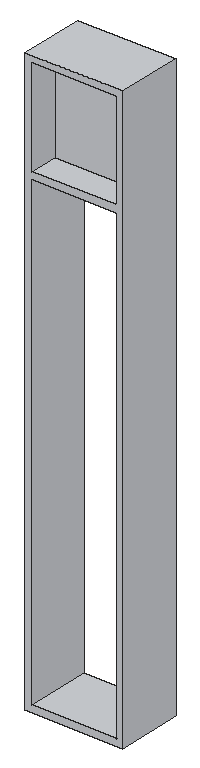
Revit family "Велопарковка город 20334", category Антураж, Revit 2018
Family settings
  На основе рабочей плоскости = Нет
  Всегда вертикально = Да
  При загрузке вырезать с полостями = Нет
  Источник визуального образа = Геометрия семейства
  Общий = Нет
  Точка расчета площади = Нет
Parameters (values of type "Велопарковка "Город"")
  Ширина = 100 mm  # constant formula
  Цвет покраски = none
  Описание = "Велопарковка «Город»"  # constant formula
  Материал изделия = "Сталь"  # constant formula
  Изображение типоразмера = Велопарковка город 20334.jpg
  Изготовитель = "ООО «Хоббика»"  # constant formula
  Длина = 150 mm  # constant formula
  Группа модели = "Велопарковки для велосипедов"  # constant formula
  Высота = 900 mm  # constant formula
  Артикул товара = "Арт. 20334"  # constant formula
  URL = "https://hobbyka.ru/product/veloparkovka_gorod/?sphrase_id=496585"
Reference planes
  plane 1 "По центру (Вперед/Назад)": y = 0
  plane 2: z = 0
  plane 3 "По центру (Влево/Вправо)": x = 0
Forms (mm)
  Extrusion 1, solid, material <- "Цвет покраски"
    sketch origin (0, 0, 0) x (-1, 0, 0) y (0, 0, 1)
      loop
        line (0, 900) -> (-150, 900) -> (-150, 0) -> (0, 0) -> (0, 900)
      loop
        line (-10, 890) -> (-140, 890) -> (-140, 740) -> (-10, 740) -> (-10, 890)
      loop
        line (-140, 10) -> (-10, 10) -> (-10, 730) -> (-140, 730) -> (-140, 10)
    from 0 to 100
  Extrusion 2, solid, material <- "Цвет покраски"
    sketch origin (0, -25, 0) x (1, 0, 0) y (0, 1, 0)
      loop
        line (10, 80) -> (10, 70) -> (140, 70) -> (140, 80) -> (10, 80)
    from 740 to 890
Lines and regions (mm)
  reference lines
    curve 1: line (150, 100, 0) -> (0, 100, 0)
    curve 2: line (150, 0, 0) -> (150, 100, 0)
    curve 3: line (150, 0, 900) -> (0, 0, 900)
Dimensions and locks
  aligned and locked: level to plane 2
